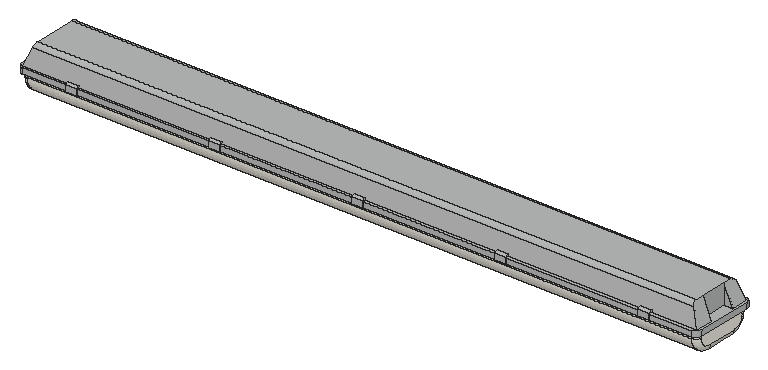
Revit family "SLIM", category Осветительные приборы, Revit 2019 (continued)
Types (5, lengths in mm): name | Файл фотометрической сетки | built-in parameter 1150142 | ADSK_Обозначение | ADSK_Наименование | ADSK_Код изделия
    4 35.376 32.478 29.780 27.381 25.183 23.184 21.385 19.786 18.188 16.788 7.095 6.396 5.796 5.296 4.797 4.397 3.997 3.598 \r\n3.298 2.898 2.598 2.099 1.599 0.999 0.500 0.000 \r\n1407.335 1402.638 1395.043 1385.450 1375.457 1362.765 1346.876 1330.587 1312.100 1290.915 1268.730 1243.847 1217.865 1189.884 1161.503 1131.024 1097.447 1061.972 \r\n1026.096 987.223 947.650 907.578 864.707 823.036 779.865 735.196 695.323 655.450 616.577 576.904 537.032 497.159 456.787 415.115 373.744 333.471 290.801 252.427 215.352 180.876 \r\n148.298 119.518 94.835 74.849 60.658 50.965 46.668 42.771 39.573 35.975 33.077 30.279 27.781 25.582 23.584 21.685 20.086 18.487 17.088 15.789 5.896 5.396 4.897 4.397 3.997 3.598 3.298 2.998 \r\n2.698 2.398 2.198 1.799 1.299 0.899 0.400 0.000 \r\n1407.335 1402.538 1394.943 1385.050 1374.657 1361.566 1345.377 1328.889 1310.101 1288.716 1266.431 1241.449 1215.267 1186.786 1158.006 1127.227 1093.250 1057.475 \r\n1021.300 982.326 942.454 902.181 859.011 817.240 773.969 729.200 689.427 649.555 610.481 570.509 530.436 490.264 449.792 408.320 367.148 327.076 284.605 246.531 209.656 175.480 \r\n143.002 114.422 90.038 70.252 56.361 46.968 43.170 39.573 36.675 33.377 30.679 28.181 25.882 23.784 21.885 20.186 18.687 17.188 15.889 14.690 4.697 4.297 3.897 3.598 3.198 2.898 2.598 2.398 \r\n2.198 1.999 1.799 1.399 0.999 0.700 0.400 0.000 \r\n1407.335 1402.538 1394.843 1384.550 1373.858 1360.267 1343.878 1327.090 1308.103 1286.618 1264.233 1239.050 1212.568 1183.588 1154.508 1123.430 1089.153 1053.078 \r\n1016.603 977.330 937.257 896.685 853.315 811.344 768.073 723.304 683.631 643.659 604.485 564.213 523.741 483.368 442.896 401.525 360.553 320.680 278.409 240.635 203.960 169.983 \r\n137.805 109.425 85.142 65.555 52.064 42.971 39.573 36.375 33.777 30.779 28.381 25.982 23.884 21.985 20.286 18.687 17.288 15.889 14.790 13.591 3.498 3.198 2.898 2.698 2.398 2.198 1.999 1.799 \r\n1.599 1.499 1.299 0.999 0.799 0.500 0.300 0.000 \r\n1407.335 1402.538 1394.743 1384.151 1372.958 1359.068 1342.379 1325.291 1306.104 1284.419 1261.935 1236.752 1209.870 1180.490 1151.011 1119.632 1084.956 1048.581 \r\n1011.906 972.433 932.161 891.189 847.619 805.548 762.077 717.308 677.835 637.763 598.490 557.817 517.145 476.473 436.001 394.729 354.057 314.384 272.113 234.739 198.264 164.487 \r\n132.509 104.328 80.345 60.958 47.767 39.073 36.075 33.177 30.879 28.181 25.982 23.884 21.985 20.186 18.587 17.188 15.889 14.690 13.591 12.591 2.398 2.099 1.999 1.799 1.599 1.499 1.299 1.199 \r\n1.099 0.999 0.899 0.700 0.500 0.400 0.200 0.000 \r\n1407.335 1402.538 1394.643 1383.751 1372.159 1357.869 1340.880 1323.492 1304.106 1282.321 1259.736 1234.353 1207.172 1177.392 1147.513 1115.835 1080.859 1044.084 \r\n1007.209 967.536 926.964 885.792 841.823 799.652 756.181 711.312 671.939 631.967 592.394 551.422 510.450 469.578 429.106 388.034 347.462 307.989 265.918 228.743 192.568 158.991 \r\n127.213 99.332 75.448 56.361 43.470 35.076 32.478 30.079 28.081 25.582 23.584 21.685 19.986 18.387 16.988 15.589 14.490 13.391 12.392 11.492 1.199 1.099 0.999 0.899 0.799 0.700 0.700 0.600 \r\n0.500 0.500 0.400 0.400 0.300 0.200 0.100 0.000 \r\n1407.335 1402.538 1394.544 1383.251 1371.260 1356.670 1339.381 1321.793 1302.107 1280.122 1257.438 1231.955 1204.474 1174.195 1144.015 1112.037 1076.662 1039.687 \r\n1002.512 962.540 921.768 880.296 836.127 793.756 750.285 705.416 666.143 626.071 586.398 545.126 503.854 462.683 422.110 381.239 340.866 301.593 259.722 222.847 186.872 153.595 \r\n122.016 94.235 70.552 51.665 39.173 31.179 28.980 26.882 25.183 22.984 21.285 19.587 17.988 16.589 15.290 14.090 13.091 12.092 11.192 10.393 0.000 0.000 0.000 0.000 0.000 0.000 0.000 0.000 0.000 \r\n0.000 0.000 0.000 0.000 0.000 0.000 0.000 \r\n1407.335 1402.538 1394.643 1383.751 1372.159 1357.869 1340.880 1323.492 1304.106 1282.321 1259.736 1234.353 1207.172 1177.392 1147.513 1115.835 1080.859 1044.084 \r\n1007.209 967.536 926.964 885.792 841.823 799.652 756.181 711.312 671.939 631.967 592.394 551.422 510.450 469.578 429.106 388.034 347.462 307.989 265.918 228.743 192.568 158.991 \r\n127.213 99.332 75.448 56.361 43.470 35.076 32.478 30.079 28.081 25.582 23.584 21.685 19.986 18.387 16.988 15.589 14.490 13.391 12.392 11.492 1.199 1.099 0.999 0.899 0.799 0.700 0.700 0.600 \r\n0.500 0.500 0.400 0.400 0.300 0.200 0.100 0.000 \r\n1407.335 1402.538 1394.743 1384.151 1372.958 1359.068 1342.379 1325.291 1306.104 1284.419 1261.935 1236.752 1209.870 1180.490 1151.011 1119.632 1084.956 1048.581 \r\n1011.906 972.433 932.161 891.189 847.619 805.548 762.077 717.308 677.835 637.763 598.490 557.817 517.145 476.473 436.001 394.729 354.057 314.384 272.113 234.739 198.264 164.487 \r\n132.509 104.328 80.345 60.958 47.767 39.073 36.075 33.177 30.879 28.181 25.982 23.884 21.985 20.186 18.587 17.188 15.889 14.690 13.591 12.591 2.398 2.099 1.999 1.799 1.599 1.499 1.299 1.199 \r\n1.099 0.999 0.899 0.700 0.500 0.400 0.200 0.000 \r\n1407.335 1402.538 1394.843 1384.550 1373.858 1360.267 1343.878 1327.090 1308.103 1286.618 1264.233 1239.050 1212.568 1183.588 1154.508 1123.430 1089.153 1053.078 \r\n1016.603 977.330 937.257 896.685 853.315 811.344 768.073 723.304 683.631 643.659 604.485 564.213 523.741 483.368 442.896 401.525 360.553 320.680 278.409 240.635 203.960 169.983 \r\n137.805 109.425 85.142 65.555 52.064 42.971 39.573 36.375 33.777 30.779 28.381 25.982 23.884 21.985 20.286 18.687 17.288 15.889 14.790 13.591 3.498 3.198 2.898 2.698 2.398 2.198 1.999 1.799 \r\n1.599 1.499 1.299 0.999 0.799 0.500 0.300 0.000 \r\n1407.335 1402.538 1394.943 1385.050 1374.657 1361.566 1345.377 1328.889 1310.101 1288.716 1266.431 1241.449 1215.267 1186.786 1158.006 1127.227 1093.250 1057.475 \r\n1021.300 982.326 942.454 902.181 859.011 817.240 773.969 729.200 689.427 649.555 610.481 570.509 530.436 490.264 449.792 408.320 367.148 327.076 284.605 246.531 209.656 175.480 \r\n143.002 114.422 90.038 70.252 56.361 46.968 43.170 39.573 36.675 33.377 30.679 28.181 25.882 23.784 21.885 20.186 18.687 17.188 15.889 14.690 4.697 4.297 3.897 3.598 3.198 2.898 2.598 2.398 \r\n2.198 1.999 1.799 1.399 0.999 0.700 0.400 0.000 \r\n1407.335 1402.638 1395.043 1385.450 1375.457 1362.765 1346.876 1330.587 1312.100 1290.915 1268.730 1243.847 1217.865 1189.884 1161.503 1131.024 1097.447 1061.972 \r\n1026.096 987.223 947.650 907.578 864.707 823.036 779.865 735.196 695.323 655.450 616.577 576.904 537.032 497.159 456.787 415.115 373.744 333.471 290.801 252.427 215.352 180.876 \r\n148.298 119.518 94.835 74.849 60.658 50.965 46.668 42.771 39.573 35.975 33.077 30.279 27.781 25.582 23.584 21.685 20.086 18.487 17.088 15.789 5.896 5.396 4.897 4.397 3.997 3.598 3.298 2.998 \r\n2.698 2.398 2.198 1.799 1.299 0.899 0.400 0.000 \r\n1407.335 1402.638 1395.243 1385.850 1376.356 1363.965 1348.475 1332.386 1314.099 1293.113 1270.928 1246.245 1220.563 1193.082 1165.001 1134.822 1101.545 1066.469 \r\n1030.793 992.120 952.846 913.074 870.403 828.931 785.761 741.092 701.119 661.346 622.573 583.300 543.727 504.054 463.682 421.811 380.339 339.767 297.096 258.423 221.048 186.372 \r\n153.595 124.515 99.732 79.446 64.955 54.862 50.266 45.968 42.371 38.574 35.376 32.478 29.780 27.381 25.183 23.184 21.385 19.786 18.188 16.788 7.095 6.396 5.796 5.296 4.797 4.397 3.997 3.598 \r\n3.298 2.898 2.598 2.099 1.599 0.999 0.500 0.000 \r\n1407.335 1402.638 1395.343 1386.249 1377.155 1365.164 1349.974 1334.185 1316.097 1295.212 1273.127 1248.544 1223.261 1196.180 1168.499 1138.619 1105.642 1070.866 \r\n1035.490 997.016 957.943 918.470 876.099 834.827 791.657 747.088 706.915 667.242 628.569 589.596 550.323 510.850 470.577 428.606 386.935 346.163 303.292 264.319 226.744 191.868 \r\n158.791 129.611 104.528 84.142 69.253 58.860 53.763 49.166 45.269 41.172 37.774 34.576 31.778 29.180 26.882 24.683 22.784 20.986 19.387 17.888 8.294 7.495 6.795 6.196 5.596 5.097 4.597 4.197 \r\n3.797 3.398 3.098 2.398 1.799 1.199 0.600 0.000 \r\n1407.335 1402.638 1395.443 1386.749 1378.055 1366.463 1351.473 1335.984 1318.096 1297.410 1275.425 1250.942 1225.959 1199.277 1171.996 1142.416 1109.839 1075.362 \r\n1040.187 1002.013 963.139 923.966 881.795 840.623 797.653 753.084 712.711 673.138 634.565 595.991 557.018 517.745 477.473 435.401 393.530 352.558 309.488 270.215 232.441 197.365 \r\n164.087 134.708 109.425 88.739 73.550 62.757 57.361 52.364 48.167 43.770 40.172 36.775 33.677 30.979 28.480 26.182 24.183 22.285 20.586 18.987 9.394 8.594 7.795 7.095 6.396 5.796 5.296 4.797 \r\n4.397 3.897 3.498 2.798 2.099 1.399 0.700 0.000 \r\n1407.335 1402.638 1395.543 1387.149 1378.854 1367.662 1352.972 1337.683 1320.095 1299.609 1277.624 1253.340 1228.657 1202.475 1175.494 1146.214 1113.936 1079.759 \r\n1044.883 1006.909 968.336 929.463 887.591 846.519 803.549 758.979 718.607 678.934 640.661 602.387 563.613 524.640 484.468 442.197 400.026 358.954 315.783 276.211 238.237 202.861 \r\n169.384 139.704 114.322 93.336 77.847 66.754 60.858 55.562 50.965 46.368 42.471 38.873 35.676 32.778 30.179 27.781 25.582 23.584 21.785 19.986 10.593 9.593 8.794 7.995 7.295 6.595 5.996 5.396 \r\n4.897 4.397 3.897 3.198 2.398 1.599 0.799 0.000 \r\n1407.335 1402.638 1395.643 1387.548 1379.654 1368.861 1354.471 1339.481 1322.093 1301.707 1279.922 1255.739 1231.256 1205.573 1178.991 1150.011 1118.133 1084.256 \r\n1049.680 1011.806 973.532 934.859 893.287 852.415 809.445 764.975 724.403 684.830 646.656 608.683 570.209 531.535 491.363 448.892 406.621 365.249 321.979 282.107 243.933 208.257 \r\n174.580 144.801 119.118 97.933 82.144 70.751 64.356 58.760 53.863 48.966 44.869 41.072 37.574 34.576 31.778 29.280 26.981 24.883 22.884 21.086 11.792 10.693 9.693 8.894 8.094 7.295 6.595 \r\n5.996 5.396 4.897 4.397 3.498 2.598 1.799 0.899 0.000 \r\n1407.335 1402.638 1395.743 1388.048 1380.553 1370.060 1355.970 1341.280 1323.992 1303.906 1282.121 1258.037 1233.954 1208.771 1182.389 1153.809 1122.230 1088.753 \r\n1054.377 1016.703 978.629 940.355 898.983 858.211 815.341 770.871 730.199 690.726 652.652 615.078 576.904 538.431 498.258 455.687 413.217 371.645 328.175 288.002 249.629 213.753 \r\n179.877 149.797 124.015 102.630 86.441 74.649 67.953 61.958 56.761 51.565 47.168 43.170 39.573 36.375 33.377 30.779 28.381 26.082 24.083 22.185 12.991 11.792 10.693 9.793 8.894 7.995 7.295 \r\n6.595 5.996 5.396 4.797 3.897 2.898 1.899 0.999 0.000 \r\n1407.335 1402.638 1395.843 1388.448 1381.353 1371.260 1357.469 1343.079 1325.991 1306.104 1284.419 1260.436 1236.652 1211.869 1185.887 1157.606 1126.427 1093.150 \r\n1059.074 1021.699 983.825 945.851 904.680 864.107 821.337 776.867 736.095 696.622 658.748 621.374 583.500 545.326 505.154 462.483 419.812 378.041 334.471 293.898 255.325 219.250 \r\n185.173 154.894 128.812 107.226 90.738 78.646 71.451 65.155 59.659 54.163 49.566 45.369 41.571 38.174 35.076 32.278 29.780 27.381 25.183 23.184 14.190 12.791 11.692 10.693 9.693 8.794 7.995 \r\n7.195 6.496 5.896 5.296 4.197 3.198 2.099 0.999 0.000 \r\n1407.335 1402.738 1396.043 1388.847 1382.152 1372.559 1358.968 1344.778 1327.989 1308.203 1286.618 1262.834 1239.350 1214.967 1189.384 1161.403 1130.525 1097.647 \r\n1063.770 1026.596 989.022 951.248 910.376 870.003 827.233 782.863 741.891 702.518 664.744 627.769 590.195 552.221 512.049 469.278 426.408 384.336 340.666 299.894 261.021 224.746 \r\n190.469 159.890 133.708 111.823 95.035 82.543 75.049 68.253 62.457 56.761 51.964 47.467 43.470 39.973 36.775 33.777 31.179 28.680 26.382 24.283 15.389 13.890 12.691 11.592 10.493 9.493 \r\n8.594 7.795 7.095 6.396 5.696 4.597 3.398 2.298 1.099 0.000 \r\n1407.335 1402.738 1396.142 1389.247 1383.051 1373.758 1360.467 1346.576 1329.988 1310.401 1288.916 1265.232 1241.948 1218.165 1192.882 1165.201 1134.722 1102.044 \r\n1068.467 1031.493 994.118 956.744 916.172 875.799 833.129 788.759 747.687 708.414 670.740 634.165 596.791 559.017 519.044 476.073 432.903 390.732 346.862 305.790 266.717 230.242 \r\n195.666 164.987 138.505 116.520 99.332 86.541 78.546 71.451 65.355 59.359 54.263 49.566 45.469 41.771 38.374 35.276 32.578 29.979 27.581 25.283 16.489 14.990 13.591 12.491 11.292 10.193 \r\n9.294 8.394 7.595 6.895 6.096 4.897 3.697 2.398 1.199 0.000 \r\n1407.335 1402.738 1396.242 1389.747 1383.851 1374.957 1361.966 1348.375 1331.986 1312.600 1291.115 1267.531 1244.646 1221.262 1196.379 1168.998 1138.819 1106.541 \r\n1073.264 1036.489 999.315 962.140 921.868 881.695 839.025 794.755 753.483 714.310 676.736 640.461 603.486 565.912 525.939 482.769 439.499 397.128 353.158 311.686 272.413 235.638 \r\n200.962 170.083 143.402 121.117 103.629 90.438 82.144 74.649 68.253 61.958 56.661 51.764 47.368 43.570 39.973 36.775 33.977 31.179 28.780 26.382 17.688 16.089 14.590 13.391 12.092 10.992 \r\n9.893 8.994 8.194 7.395 6.595 5.296 3.897 2.598 1.299 0.000 \r\n1407.335 1402.738 1396.342 1390.147 1384.750 1376.156 1363.465 1350.074 1333.985 1314.698 1293.413 1269.929 1247.345 1224.460 1199.877 1172.796 1143.016 1111.038 \r\n1077.961 1041.386 1004.511 967.636 927.564 887.591 844.921 800.751 759.379 720.106 682.832 646.856 610.082 572.807 532.835 489.564 446.094 403.423 359.354 317.582 278.109 241.135 \r\n206.259 175.080 148.198 125.714 107.926 94.435 85.641 77.847 71.051 64.556 58.960 53.863 49.366 45.269 41.671 38.374 35.376 32.478 29.880 27.481 18.887 17.088 15.589 14.190 12.891 11.692 \r\n10.593 9.593 8.694 7.795 6.995 5.596 4.197 2.798 1.399 0.000 \r\n1407.335 1402.738 1396.442 1390.546 1385.550 1377.455 1365.064 1351.873 1335.984 1316.897 1295.611 1272.327 1250.043 1227.558 1203.375 1176.593 1147.113 1115.435 \r\n1082.657 1046.282 1009.708 973.133 933.260 893.387 850.916 806.647 765.175 726.002 688.828 653.252 616.677 579.702 539.730 496.360 452.690 409.819 365.549 323.578 283.805 246.631 \r\n211.455 180.176 153.095 130.411 112.223 98.432 89.139 81.044 73.949 67.154 61.358 56.062 51.365 47.068 43.270 39.873 36.775 33.777 31.079 28.480 20.086 18.188 16.589 15.090 13.691 12.392 \r\n11.292 10.193 9.194 8.294 7.395 5.996 4.497 2.998 1.499 0.000 \r\n1407.335 1402.738 1396.542 1391.046 1386.349 1378.654 1366.563 1353.672 1337.982 1319.095 1297.910 1274.726 1252.741 1230.756 1206.872 1180.390 1151.210 1119.932 \r\n1087.354 1051.179 1014.804 978.529 938.956 899.283 856.812 812.643 770.971 731.898 694.823 659.548 623.372 586.598 546.625 503.155 459.285 416.215 371.845 329.474 289.501 252.127 \r\n216.751 185.173 157.892 135.007 116.520 102.330 92.736 84.242 76.847 69.752 63.756 58.160 53.263 48.866 44.969 41.372 38.174 35.076 32.278 29.580 21.285 19.287 17.488 15.989 14.490 13.191 \r\n11.892 10.793 9.793 8.794 7.895 6.296 4.697 3.198 1.599 0.000 \r\n1407.335 1402.838 1396.642 1391.446 1387.249 1379.854 1368.062 1355.470 1339.881 1321.194 1300.108 1277.124 1255.339 1233.854 1210.370 1184.288 1155.408 1124.429 \r\n1092.051 1056.176 1020.000 984.025 944.652 905.079 862.708 818.539 776.867 737.794 700.919 665.943 629.968 593.393 553.620 509.850 465.781 422.510 378.041 335.370 295.198 257.623 \r\n222.048 190.270 162.788 139.604 120.817 106.327 96.234 87.440 79.745 72.350 66.055 60.359 55.262 50.665 46.568 42.871 39.573 36.375 33.377 30.579 22.385 20.386 18.487 16.888 15.290 13.890 \r\n12.591 11.392 10.293 9.294 8.294 6.695 4.997 3.298 1.699 0.000 \r\n1407.335 1402.838 1396.842 1391.845 1388.048 1381.053 1369.561 1357.169 1341.880 1323.392 1302.407 1279.423 1258.037 1236.952 1213.867 1188.085 1159.505 1128.826 \r\n1096.848 1061.072 1025.197 989.521 950.348 910.975 868.604 824.535 782.663 743.690 706.915 672.339 636.663 600.288 560.516 516.646 472.376 428.906 384.236 341.366 300.994 263.020 \r\n227.244 195.266 167.685 144.301 125.114 110.224 99.832 90.638 82.543 74.949 68.453 62.457 57.261 52.464 48.267 44.370 40.972 37.574 34.576 31.678 23.584 21.385 19.487 17.788 16.089 14.590 \r\n13.191 11.992 10.893 9.793 8.794 6.995 5.296 3.498 1.799 0.000 \r\n1407.335 1402.838 1396.942 1392.245 1388.947 1382.252 1371.060 1358.968 1343.878 1325.491 1304.605 1281.821 1260.735 1240.149 1217.365 1191.883 1163.702 1133.323 \r\n1101.545 1065.969 1030.293 994.918 956.144 916.871 874.600 830.530 788.459 749.586 712.911 678.635 643.259 607.184 567.411 523.441 478.972 435.301 390.532 347.262 306.690 268.516 \r\n232.541 200.363 172.482 148.898 129.411 114.222 103.329 93.836 85.441 77.547 70.751 64.656 59.159 54.263 49.866 45.869 42.371 38.873 35.775 32.778 24.783 22.
